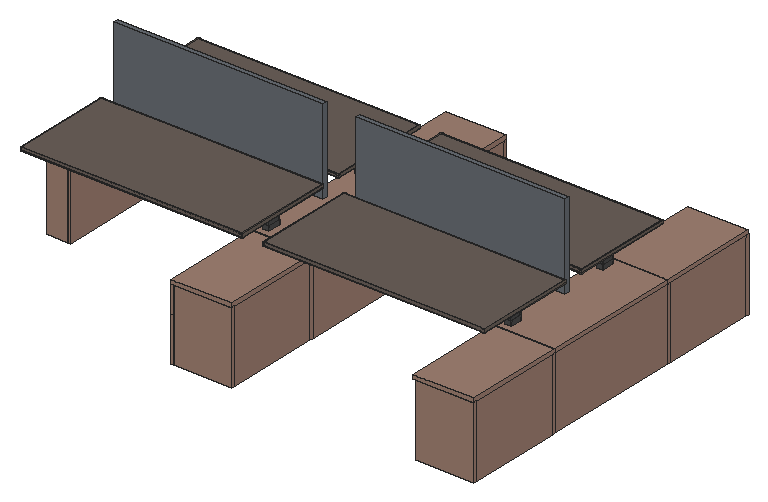
Revit family "T200219", category Furniture, Revit 2015 (continued)
Definition of nested family "STAKS HEIGHT ADJUSTABLE WORK GROUP PANEL BASE Dual User"
  Automatic sketch dimensions
    Extrusion 3 sketch curve to plane 18 = 0' - 0"
    Extrusion 4 sketch curve to plane 4 "Left End" = 0' - 0"
    Extrusion 4 sketch curve to plane 6 "Right End" = 0' - 0"
    Extrusion 4 sketch curve to plane 17 = 0' - 0"
    plane 1 "Center Front/Back" to Extrusion 4 sketch curve = 0' - 0"
    Extrusion 5 sketch curve to plane 5 "Front End" = 0' - 0"
    Extrusion 5 sketch curve to plane 20 = 0' - 0"
    Extrusion 5 sketch curve to plane 21 = 0' - 0"
    Extrusion 5 sketch curve to plane 18 = 0' - 0"
    Extrusion 6 sketch curve to plane 9 = 0' - 0"
    Extrusion 6 sketch curve to plane 10 = 0' - 0"
    Extrusion 6 sketch curve to plane 18 = 0' - 0"
    plane 1 "Center Front/Back" to Extrusion 6 sketch curve = 0' - 0"
    Extrusion 7 sketch curve to plane 4 "Left End" = 0' - 0"
    Extrusion 7 sketch curve to plane 6 "Right End" = 0' - 0"
    plane 17 to Extrusion 7 sketch curve = 0' - 0"
    Extrusion 7 sketch curve to plane 5 "Front End" = 0' - 0"
    Extrusion 8 sketch curve to plane 5 "Front End" = 0' - 0"
    Extrusion 8 sketch curve to plane 22 = 0' - 0"
    Extrusion 8 sketch curve to plane 23 = 0' - 0"
    Extrusion 8 sketch curve to plane 18 = 0' - 0"
    Extrusion 9 sketch curve to plane 11 = 0' - 0"
    Extrusion 9 sketch curve to plane 21 = 0' - 0"
    plane 23 to Extrusion 9 sketch curve = 0' - 0"
    plane 8 "Height Top" to Extrusion 9 sketch curve = 0' - 1 5/16"
    Extrusion 10 sketch curve to plane 14 = 0' - 0"
    Extrusion 10 sketch curve to plane 16 = 0' - 0"
    Extrusion 10 sketch curve to plane 14 = 0' - 2"
    Extrusion 10 sketch curve to plane 16 = 0' - 0 1/8"  (x2)
    Extrusion 10 sketch curve to Extrusion 10 sketch curve = 0' - 3 1/2"
    Extrusion 10 sketch curve to Extrusion 10 sketch curve = 0' - 0"
    Extrusion 10 sketch curve to Extrusion 10 sketch curve = 0' - 0 1/8"
    Extrusion 11 sketch curve to plane 14 = 0' - 0 3/16"
    Extrusion 11 sketch curve to plane 16 = 0' - 3 5/8"
    Extrusion 11 sketch curve to plane 16 = 0' - 0 3/16"  (x2)
    Extrusion 11 sketch curve to plane 14 = 0' - 1 7/8"
    Extrusion 11 sketch curve to Extrusion 11 sketch curve = 0' - 0 1/16"  (x3)
    Revolve 12 sketch curve to level = 0' - 0"
    plane 16 to Revolve 12 sketch curve = 0' - 0"
    Revolve 12 sketch curve to plane 12 = 0' - 0"  (x2)
    level to Revolve 12 sketch curve = 0' - 0.12502"
    Revolve 12 sketch curve to Revolve 12 sketch curve = 0' - 0.06202"
    Revolve 12 sketch curve to Revolve 12 sketch curve = 0' - 0.12498"
    Revolve 12 sketch curve to plane 16 = 0' - 0.188"  (x2)
    plane 12 to Revolve 12 sketch curve = 0' - 0 1/4"
    Revolve 13 sketch curve to level = 0' - 0"
    plane 15 to Revolve 13 sketch curve = 0' - 0"
    Revolve 13 sketch curve to plane 12 = 0' - 0"  (x2)
    level to Revolve 13 sketch curve = 0' - 0 1/4"
    Revolve 13 sketch curve to Revolve 13 sketch curve = 0' - 0.06202"
    Revolve 13 sketch curve to Revolve 13 sketch curve = 0' - 0.12498"
    plane 15 to Revolve 13 sketch curve = 0' - 0.188"  (x2)
    plane 12 to Revolve 13 sketch curve = 0' - 0 1/4"
    plane 14 to Extrusion 14 sketch curve = 0' - 0"
    Extrusion 14 sketch curve to plane 15 = 0' - 0"
    Extrusion 14 sketch curve to plane 14 = 0' - 0 1/8"  (x2)
    plane 15 to Extrusion 14 sketch curve = 0' - 0 1/8"
    Extrusion 14 sketch curve to Extrusion 14 sketch curve = 0' - 3 1/2"
    Extrusion 14 sketch curve to Extrusion 14 sketch curve = 0' - 0"
    Extrusion 14 sketch curve to Extrusion 14 sketch curve = 0' - 1 3/4"
    Extrusion 15 sketch curve to plane 14 = 0' - 0 3/16"
    plane 15 to Extrusion 15 sketch curve = 0' - 3 5/8"
    Extrusion 15 sketch curve to plane 14 = 0' - 0 1/8"
    Extrusion 15 sketch curve to Extrusion 15 sketch curve = 0' - 0 1/16"  (x2)
    plane 15 to Extrusion 15 sketch curve = 0' - 0 3/16"  (x2)
    Extrusion 15 sketch curve to Extrusion 15 sketch curve = 0' - 1 5/8"
    Extrusion 16 sketch curve to plane 16 = 0' - 0"  (x2)
    plane 17 to Extrusion 16 sketch curve = 0' - 3 3/8"
    Extrusion 16 sketch curve to Extrusion 16 sketch curve = 0' - 0 1/8"  (x2)
    Extrusion 16 sketch curve to plane 14 = 0' - 2 1/8"
    Extrusion 16 sketch curve to Extrusion 16 sketch curve = 0' - 3 3/4"
    Extrusion 16 sketch curve to plane 16 = 0' - 3 3/4"
    Blend 17 sketch curve to plane 16 = 0' - 0 1/8"
    plane 17 to Blend 17 sketch curve = 0' - 2 1/8"
    Blend 17 sketch curve to Blend 17 sketch curve = 0' - 0 1/8"  (x4)
    Blend 17 sketch curve to Blend 17 sketch curve = 0' - 3 1/4"
    Blend 17 sketch curve to Blend 17 sketch curve = 0' - 0"
    Blend 17 sketch curve to plane 14 = 0' - 1 3/4"
    Blend 17 sketch curve to plane 16 = 0' - 0"  (x2)
    plane 17 to Blend 17 sketch curve = 0' - 3 3/8"
    plane 16 to Blend 17 sketch curve = 0' - 0 1/8"
    Blend 17 sketch curve to Blend 17 sketch curve = 0' - 3 3/4"
    Blend 17 sketch curve to plane 16 = 0' - 3 3/4"
    Blend 17 sketch curve to plane 14 = 0' - 2"
    Extrusion 18 sketch curve to plane 15 = 0' - 0"  (x2)
    Extrusion 18 sketch curve to plane 17 = 0' - 3 3/8"
    Extrusion 18 sketch curve to Extrusion 18 sketch curve = 0' - 0 1/8"  (x2)
    plane 14 to Extrusion 18 sketch curve = 0' - 2 1/8"
    Extrusion 18 sketch curve to plane 15 = 0' - 3 3/4"  (x2)
    Blend 19 sketch curve to plane 15 = 0' - 0 1/8"
    Blend 19 sketch curve to plane 17 = 0' - 2 1/8"
    Blend 19 sketch curve to Blend 19 sketch curve = 0' - 0 1/8"  (x5)
    Blend 19 sketch curve to Blend 19 sketch curve = 0' - 3 1/4"
    Blend 19 sketch curve to Blend 19 sketch curve = 0' - 0"
    plane 14 to Blend 19 sketch curve = 0' - 1 3/4"
    Blend 19 sketch curve to plane 15 = 0' - 0"  (x2)
    Blend 19 sketch curve to plane 17 = 0' - 3 3/8"
    Blend 19 sketch curve to plane 15 = 0' - 3 3/4"  (x2)
    plane 14 to Blend 19 sketch curve = 0' - 2"
Definition of nested family "STAKS HEIGHT ADJUSTABLE WORK GROUP CABINET Dual User"
  Parameters (values of type "STAKS HEIGHT ADJUSTABLE WORK GROUP CABINET Dual User")
    Width = 3' - 6"
    URL = "http://ofs.com"
    Top Material = none
    Top Board Back Offset = 0' - 0"
    Table Height [instance] = 2' - 3 3/4"
    Depth = 1' - 6"
    Column Plate Thickness = 0' - 2"
    Column Material = none
    Box Width = 0' - 7"
    Board Thick Top = 0' - 1 1/8"
    Board Thick Door = 0' - 0 3/4"
    Board Material = none
    Model = "6-4218HAWC3"
    Manufacturer = "OFS"
    Leg Caps Material = none
    Leg Offset = 0' - 2"
    Board Thick Internal = 0' - 0 3/4"
    Height = 1' - 11"
    Description = "OFS STAKS HEIGHT ADJUSTABLE CABINET Dual User (Two Lifting Columns)"
    Copyright © = "© OFS 2018"
    Catalog = "https://ofs.com/products/open-plan/benching/staks"
    Bottom Board Offset = 0' - 0 1/2"
    Board Thick Bot = 0' - 1"
    Board Thick Sides = 0' - 0 3/4"
    Board Thick Front = 0' - 0 3/4"
    Board Thick Back = 0' - 0 3/4"
    Authoring Version = "Autodesk Revit Architecture 2013"
    Assembly Code = "E2020200"
  Reference planes (in)
    plane 1 "Center Front/Back": y = 0
    plane 2: z = 0
    plane 3 "Center Left/Right": x = 0
    plane 4 "Left End": x = -21
    plane 5 "Front End": y = -17.25
    plane 6 "Right End": x = 21
    plane 7 "Back End": y = 0
    plane 8 "Height Top": z = 23
    plane 9: x = -20.25
    plane 10: x = 20.25
    plane 11: z = 21.875
    plane 12: z = 0.5
    plane 13: z = 1.5
    plane 14: y = -16.5
    plane 15: x = 19
    plane 16: x = -19
    plane 17: y = -18
    plane 18: y = -0.75
    plane 19: y = 0
    plane 20: x = -4.25
    plane 21: x = -3.5
    plane 22: x = 4.25
    plane 23: x = 3.5
    plane 24: z = 27.75
    plane 25: z = 25.75
    plane 26: z = 24.375
    plane 27: z = 26.75
  Forms (in)
    Extrusion 1, solid, material <- "Board Material"
      sketch origin (0, 0, 0) x (1, 0, 0) y (0, 1, 0)
        loop
          line (-21, -0.75) -> (-21, -17.25) -> (-20.25, -17.25) -> (-20.25, -0.75) -> (-21, -0.75)
      from 0.5 to 21.875
    Extrusion 2, solid, material <- "Board Material"
      sketch origin (0, 0, 0) x (-1, 0, 0) y (0, -1, 0)
        loop
          line (-21, 0.75) -> (-20.25, 0.75) -> (-20.25, 17.25) -> (-21, 17.25) -> (-21, 0.75)
      from 0.5 to 21.875
    Extrusion 3, solid, material <- "Board Material"
      sketch origin (0, 0, 0) x (1, 0, 0) y (0, 1, 0)
        loop
          line (-20.25, -0.75) -> (-20.25, -17.25) -> (20.25, -17.25) -> (20.25, -0.75) -> (-20.25, -0.75)
      from 0.5 to 1.5
    Extrusion 4, solid, material <- "Top Material"
      sketch origin (0, 0, 0) x (1, 0, 0) y (0, 1, 0)
        loop
          line (-21, 0) -> (-21, -18) -> (21, -18) -> (21, 0) -> (-21, 0)
      from 21.875 to 23
    Extrusion 5, solid, material <- "Board Material"
      sketch origin (0, 0, 0) x (1, 0, 0) y (0, 1, 0)
        loop
          line (-4.25, -0.75) -> (-4.25, -17.25) -> (-3.5, -17.25) -> (-3.5, -0.75) -> (-4.25, -0.75)
      from 1.5 to 21.875
    Extrusion 6, solid, material <- "Board Material"
      sketch origin (0, 27.875, 0) x (1, 0, 0) y (0, 1, 0)
        loop
          line (-21, -27.875) -> (-21, -28.625) -> (21, -28.625) -> (21, -27.875) -> (-21, -27.875)
      from 0.5 to 21.875
    Extrusion 7, solid, material <- "Board Material"
      sketch origin (0, 0, 0) x (1, 0, 0) y (0, 1, 0)
        loop
          line (21, -17.25) -> (-21, -17.25) -> (-21, -18) -> (21, -18) -> (21, -17.25)
      from 0.5 to 21.875
    Extrusion 8, solid, material <- "Board Material"
      sketch origin (0, 0, 0) x (-1, 0, 0) y (0, -1, 0)
        loop
          line (-4.25, 0.75) -> (-3.5, 0.75) -> (-3.5, 17.25) -> (-4.25, 17.25) -> (-4.25, 0.75)
      from 1.5 to 21.875
    Extrusion 9, void
      sketch origin (0, 0, 0) x (1, 0, 0) y (0, 0, 1)
        loop
          line (3.5, 21.875) -> (-3.5, 21.875)
          arc (-3.5, 21.875) -> (0, 20.04736) -> (3.5, 21.875) r 4.26514
      from 0 to 18
    Extrusion 10, solid, material <- "Column Material"
      sketch origin (7.27539, 70.81173, 0) x (-1, 0, 0) y (0, -1, 0)
        loop
          arc (26.15039, 85.31173) -> (26.23878, 85.34834) -> (26.27539, 85.43673) r 0.125
          line (26.27539, 85.43673) -> (26.27539, 87.18673)
          arc (26.27539, 87.18673) -> (26.23878, 87.27512) -> (26.15039, 87.31173) r 0.125
          line (26.15039, 87.31173) -> (22.65039, 87.31173)
          arc (22.65039, 87.31173) -> (22.562, 87.27512) -> (22.52539, 87.18673) r 0.125
          line (22.52539, 87.18673) -> (22.52539, 85.43673)
          arc (22.52539, 85.43673) -> (22.562, 85.34834) -> (22.65039, 85.31173) r 0.125
          line (22.65039, 85.31173) -> (26.15039, 85.31173)
      from 23 to 24.375
    Extrusion 11, solid, material <- "Column Material"
      sketch origin (7.27539, 70.81173, 0) x (-1, 0, 0) y (0, -1, 0)
        loop
          line (22.71289, 85.43673) -> (26.08789, 85.43673)
          arc (26.08789, 85.43673) -> (26.13208, 85.45504) -> (26.15039, 85.49923) r 0.0625
          line (26.15039, 85.49923) -> (26.15039, 87.12423)
          arc (26.15039, 87.12423) -> (26.13208, 87.16843) -> (26.08789, 87.18673) r 0.0625
          line (26.08789, 87.18673) -> (22.71289, 87.18673)
          arc (22.71289, 87.18673) -> (22.66869, 87.16843) -> (22.65039, 87.12423) r 0.0625
          line (22.65039, 87.12423) -> (22.65039, 85.49923)
          arc (22.65039, 85.49923) -> (22.66869, 85.45504) -> (22.71289, 85.43673) r 0.0625
      from 24.375 to 25.75
    Revolve 12, solid, material <- "Leg Caps Material"
      sketch origin (7.02629, -3.5, 0) x (1, 0, 0) y (0, 0, 1)
        loop
          line (-26.02629, 0.5) -> (-26.02629, 0.25) -> (-26.08831, 0.25)
          arc (-26.08831, 0.25) -> (-26.17668, 0.2134) -> (-26.21329, 0.12502) r 0.12498
          line (-26.21329, 0.12502) -> (-26.21329, 0) -> (-25.83829, 0) -> (-25.83829, 0.5) -> (-26.02629, 0.5)
        axis (-25.83829, 0) -> (-25.83829, 0.5)
      angle from 0 to 360
    Revolve 13, solid, material <- "Leg Caps Material"
      sketch origin (-7.02629, -3.5, 0) x (-1, 0, 0) y (0, 0, -1)
        loop
          line (-26.02629, -0.5) -> (-25.83829, -0.5) -> (-25.83829, 0) -> (-26.21329, 0) -> (-26.21329, -0.12502)
          arc (-26.21329, -0.12502) -> (-26.17668, -0.2134) -> (-26.08831, -0.25) r 0.12498
          line (-26.08831, -0.25) -> (-26.02629, -0.25) -> (-26.02629, -0.5)
        axis (-25.83829, 0) -> (-25.83829, -0.5)
      angle from 0 to 360
    Extrusion 14, solid, material <- "Column Material"
      sketch origin (-7.27539, 70.81173, 0) x (1, 0, 0) y (0, 1, 0)
        loop
          line (26.15039, -85.31173) -> (22.65039, -85.31173)
          arc (22.65039, -85.31173) -> (22.562, -85.34834) -> (22.52539, -85.43673) r 0.125
          line (22.52539, -85.43673) -> (22.52539, -87.18673)
          arc (22.52539, -87.18673) -> (22.562, -87.27512) -> (22.65039, -87.31173) r 0.125
          line (22.65039, -87.31173) -> (26.15039, -87.31173)
          arc (26.15039, -87.31173) -> (26.23878, -87.27512) -> (26.27539, -87.18673) r 0.125
          line (26.27539, -87.18673) -> (26.27539, -85.43673)
          arc (26.27539, -85.43673) -> (26.23878, -85.34834) -> (26.15039, -85.31173) r 0.125
      from 23 to 24.375
    Extrusion 15, solid, material <- "Column Material"
      sketch origin (-7.27539, 70.81173, 0) x (1, 0, 0) y (0, 1, 0)
        loop
          arc (22.71289, -85.43673) -> (22.66869, -85.45504) -> (22.65039, -85.49923) r 0.0625
          line (22.65039, -85.49923) -> (22.65039, -87.12423)
          arc (22.65039, -87.12423) -> (22.66869, -87.16843) -> (22.71289, -87.18673) r 0.0625
          line (22.71289, -87.18673) -> (26.08789, -87.18673)
          arc (26.08789, -87.18673) -> (26.13208, -87.16843) -> (26.15039, -87.12423) r 0.0625
          line (26.15039, -87.12423) -> (26.15039, -85.49923)
          arc (26.15039, -85.49923) -> (26.13208, -85.45504) -> (26.08789, -85.43673) r 0.0625
          line (26.08789, -85.43673) -> (22.71289, -85.43673)
      from 24.375 to 25.75
    Extrusion 16, solid, material <- "Column Material"
      sketch origin (0, 0, 0) x (1, 0, 0) y (0, 1, 0)
        loop
          line (-15.25, -14.375) -> (-19, -14.375)
          arc (-19, -14.375) -> (-19.08839, -14.41161) -> (-19.125, -14.5) r 0.125
          line (-19.125, -14.5) -> (-19.125, -21.25)
          arc (-19.125, -21.25) -> (-19.08839, -21.33839) -> (-19, -21.375) r 0.125
          line (-19, -21.375) -> (-15.25, -21.375)
          arc (-15.25, -21.375) -> (-15.16161, -21.33839) -> (-15.125, -21.25) r 0.125
          line (-15.125, -21.25) -> (-15.125, -14.5)
          arc (-15.125, -14.5) -> (-15.16161, -14.41161) -> (-15.25, -14.375) r 0.125
      from 26.75 to 27.75
    Blend 17, solid, material <- "Column Material"
      base sketch origin (0, 0, 0) x (1, 0, 0) y (0, 1, 0)
        loop
          line (-15.375, -20) -> (-15.375, -14.75)
          arc (-15.375, -14.75) -> (-15.41161, -14.66161) -> (-15.5, -14.625) r 0.125
          line (-15.5, -14.625) -> (-18.75, -14.625)
          arc (-18.75, -14.625) -> (-18.83839, -14.66161) -> (-18.875, -14.75) r 0.125
          line (-18.875, -14.75) -> (-18.875, -20)
          arc (-18.875, -20) -> (-18.83839, -20.08839) -> (-18.75, -20.125) r 0.125
          line (-18.75, -20.125) -> (-15.5, -20.125)
          arc (-15.5, -20.125) -> (-15.41161, -20.08839) -> (-15.375, -20) r 0.125
      top sketch origin (0, 0, 0) x (1, 0, 0) y (0, 1, 0)
        loop
          line (-15.125, -21.25) -> (-15.125, -14.5)
          arc (-15.125, -14.5) -> (-15.16161, -14.41161) -> (-15.25, -14.375) r 0.125
          line (-15.25, -14.375) -> (-19, -14.375)
          arc (-19, -14.375) -> (-19.08839, -14.41161) -> (-19.125, -14.5) r 0.125
          line (-19.125, -14.5) -> (-19.125, -21.25)
          arc (-19.125, -21.25) -> (-19.08839, -21.33839) -> (-19, -21.375) r 0.125
          line (-19, -21.375) -> (-15.25, -21.375)
          arc (-15.25, -21.375) -> (-15.16161, -21.33839) -> (-15.125, -21.25) r 0.125
      from 25.75 to 26.75
    Extrusion 18, solid, material <- "Column Material"
      sketch origin (0, 0, 0) x (-1, 0, 0) y (0, -1, 0)
        loop
          arc (-15.25, 14.375) -> (-15.16161, 14.41161) -> (-15.125, 14.5) r 0.125
          line (-15.125, 14.5) -> (-15.125, 21.25)
          arc (-15.125, 21.25) -> (-15.16161, 21.33839) -> (-15.25, 21.375) r 0.125
          line (-15.25, 21.375) -> (-19, 21.375)
          arc (-19, 21.375) -> (-19.08839, 21.33839) -> (-19.125, 21.25) r 0.125
          line (-19.125, 21.25) -> (-19.125, 14.5)
          arc (-19.125, 14.5) -> (-19.08839, 14.41161) -> (-19, 14.375) r 0.125
          line (-19, 14.375) -> (-15.25, 14.375)
      from 26.75 to 27.75
    Blend 19, solid, material <- "Column Material"
      base sketch origin (0, 0, 0) x (-1, 0, 0) y (0, -1, 0)
        loop
          arc (-15.375, 20) -> (-15.41161, 20.08839) -> (-15.5, 20.125) r 0.125
          line (-15.5, 20.125) -> (-18.75, 20.125)
          arc (-18.75, 20.125) -> (-18.83839, 20.08839) -> (-18.875, 20) r 0.125
          line (-18.875, 20) -> (-18.875, 14.75)
          arc (-18.875, 14.75) -> (-18.83839, 14.66161) -> (-18.75, 14.625) r 0.125
          line (-18.75, 14.625) -> (-15.5, 14.625)
          arc (-15.5, 14.625) -> (-15.41161, 14.66161) -> (-15.375, 14.75) r 0.125
          line (-15.375, 14.75) -> (-15.375, 20)
      top sketch origin (0, 0, 0) x (-1, 0, 0) y (0, -1, 0)
        loop
          arc (-15.125, 21.25) -> (-15.16161, 21.33839) -> (-15.25, 21.375) r 0.125
          line (-15.25, 21.375) -> (-19, 21.375)
          arc (-19, 21.375) -> (-19.08839, 21.33839) -> (-19.125, 21.25) r 0.125
          line (-19.125, 21.25) -> (-19.125, 14.5)
          arc (-19.125, 14.5) -> (-19.08839, 14.41161) -> (-19, 14.375) r 0.125
          line (-19, 14.375) -> (-15.25, 14.375)
          arc (-15.25, 14.375) -> (-15.16161, 14.41161) -> (-15.125, 14.5) r 0.125
          line (-15.125, 14.5) -> (-15.125, 21.25)
      from 25.75 to 26.75
    Revolve 20, solid, material <- "Leg Caps Material"
      sketch origin (7.02629, -14.5, 0) x (1, 0, 0) y (0, 0, -1)
        loop
          line (-26.02629, -0.5) -> (-25.83829, -0.5) -> (-25.83829, 0) -> (-26.21329, 0) -> (-26.21329, -0.12502)
          arc (-26.21329, -0.12502) -> (-26.17668, -0.2134) -> (-26.08831, -0.25) r 0.12498
          line (-26.08831, -0.25) -> (-26.02629, -0.25) -> (-26.02629, -0.5)
        axis (-25.83829, 0) -> (-25.83829, -0.5)
      angle from 0 to 360
    Revolve 21, solid, material <- "Leg Caps Material"
      sketch origin (-7.02629, -14.5, 0) x (-1, 0, 0) y (0, 0, 1)
        loop
          line (-26.02629, 0.5) -> (-26.02629, 0.25) -> (-26.08831, 0.25)
          arc (-26.08831, 0.25) -> (-26.17668, 0.2134) -> (-26.21329, 0.12502) r 0.12498
          line (-26.21329, 0.12502) -> (-26.21329, 0) -> (-25.83829, 0) -> (-25.83829, 0.5) -> (-26.02629, 0.5)
        axis (-25.83829, 0) -> (-25.83829, 0.5)
      angle from 0 to 360
  Cuts and joins
    Extrusion 9 cuts Extrusion 7
  Dimensions and locks (in)
    equal spacing: plane 4 "Left End", plane 3 "Center Left/Right", plane 6 "Right End"
    "Width": plane 4 "Left End" to plane 6 "Right End"
    "Height": plane 8 "Height Top" to level
    "Board Thick Sides": plane 4 "Left End" to plane 9
    "Board Thick Sides": plane 10 to plane 6 "Right End"
    "Board Thick Top": plane 8 "Height Top" to plane 11
    "Board Thick Bot": plane 13 to plane 12
    "Bottom Board Offset": plane 12 to level
    "Board Thick Front": plane 14 to plane 5 "Front End"
    "Leg Offset": plane 15 to plane 6 "Right End"
    "Leg Offset": plane 4 "Left End" to plane 16
    "Board Thick Door": plane 17 to plane 5 "Front End"
    "Board Thick Back": plane 18 to plane 1 "Center Front/Back"
    "Depth": plane 17 to plane 1 "Center Front/Back"
    "Top Board Back Offset": plane 19 to plane 7 "Back End"
    equal spacing: plane 21, plane 3 "Center Left/Right", plane 23
    "Box Width": plane 21 to plane 23
    "Board Thick Internal": plane 23 to plane 22
    "Board Thick Internal": plane 20 to plane 21
    "Table Height": plane 24 to level
    "Column Plate Thickness": plane 24 to plane 25
    equal spacing: plane 25, plane 26, plane 8 "Height Top"
    equal spacing: plane 24, plane 27, plane 25
    aligned and locked: level to plane 2
    aligned and locked: plane 4 "Left End" to Extrusion 1 sketch curve
    aligned and locked: Extrusion 1 sketch curve to plane 9
    aligned and locked: plane 10 to Extrusion 2
    aligned and locked: Extrusion 2 to plane 6 "Right End"
    aligned and locked: plane 12 to Extrusion 2
    aligned and locked: plane 10 to Extrusion 3 sketch curve
    aligned and locked: Extrusion 3 sketch curve to plane 9
    aligned and locked: Extrusion 6 to plane 12
    aligned and locked: Extrusion 3 to plane 13
    aligned and locked: Extrusion 3 to plane 12
    aligned and locked: Extrusion 6 to plane 11
    aligned and locked: Extrusion 2 to plane 11
    aligned and locked: Extrusion 4 to plane 17
    aligned and locked: Extrusion 4 to plane 6 "Right End"
    aligned and locked: Extrusion 4 to plane 4 "Left End"
    aligned and locked: plane 8 "Height Top" to Extrusion 4
    aligned and locked: Extrusion 4 to plane 11
    aligned and locked: Extrusion 7 to plane 11
    aligned and locked: Extrusion 6 to plane 18
    aligned and locked: Extrusion 6 to plane 1 "Center Front/Back"
    aligned and locked: Extrusion 4 to plane 19
    aligned and locked: Extrusion 3 to plane 18
    aligned and locked: plane 11 to Extrusion 8
    aligned and locked: Extrusion 8 to plane 13
    aligned and locked: Extrusion 4 to Extrusion 9
    aligned and locked: Extrusion 6 to Extrusion 9
    aligned and locked: Extrusion 9 to Extrusion 2
    aligned and locked: plane 23 to Extrusion 8
    aligned and locked: Extrusion 8 to plane 22
    aligned and locked: Extrusion 5 to plane 20
    aligned and locked: cut or joined group of Extrusion 7, Extrusion 9 to plane 12
    aligned and locked: plane 25 to Extrusion 11
    aligned and locked: plane 26 to Extrusion 10
    aligned and locked: Extrusion 11 to plane 26
    aligned and locked: plane 11 to Extrusion 1
    aligned and locked: plane 11 to Extrusion 5
    aligned and locked: Extrusion 1 to plane 5 "Front End"
    aligned and locked: Extrusion 2 to plane 5 "Front End"
    aligned and locked: cut or joined group of Extrusion 7, Extrusion 9 to plane 4 "Left End"
    aligned and locked: cut or joined group of Extrusion 7, Extrusion 9 to plane 6 "Right End"
    aligned and locked: Extrusion 1 to plane 12
    aligned and locked: plane 16 to Revolve 12
    aligned and locked: plane 15 to Revolve 13
    aligned and locked: Extrusion 5 to plane 13
    aligned and locked: Extrusion 10 to plane 8 "Height Top"
    aligned and locked: Extrusion 14 to plane 8 "Height Top"
    aligned and locked: Extrusion 15 to plane 25
    aligned and locked: Extrusion 14 to plane 26
    aligned and locked: plane 26 to Extrusion 15
    aligned and locked: plane 24 to Extrusion 16
    aligned and locked: Extrusion 16 to plane 27
    aligned and locked: Blend 17 to plane 25
    aligned and locked: plane 27 to Blend 17
    aligned and locked: Extrusion 18 to plane 24
    aligned and locked: Blend 19 to plane 27
    aligned and locked: plane 27 to Extrusion 18
    aligned and locked: plane 25 to Blend 19
    aligned and locked: Extrusion 6 to plane 4 "Left End"
    aligned and locked: Extrusion 6 to plane 6 "Right End"
    aligned and locked: plane 18 to Extrusion 2
    aligned and locked: plane 18 to Extrusion 1
  Automatic sketch dimensions
    Extrusion 1 sketch curve to plane 5 "Front End" = 0' - 0"
    plane 1 "Center Front/Back" to Extrusion 1 sketch curve = 0' - 0 3/4"
    Extrusion 2 sketch curve to plane 5 "Front End" = 0' - 0"
    Extrusion 2 sketch curve to plane 6 "Right End" = 0' - 0"
    Extrusion 2 sketch curve to plane 10 = 0' - 0"
    Extrusion 2 sketch curve to plane 1 "Center Front/Back" = 0' - 0 3/4"
    Extrusion 3 sketch curve to plane 5 "Front End" = 0' - 0"
    Extrusion 3 sketch curve to plane 18 = 0' - 0"
    Extrusion 4 sketch curve to plane 4 "Left End" = 0' - 0"
    Extrusion 4 sketch curve to plane 6 "Right End" = 0' - 0"
    Extrusion 4 sketch curve to plane 17 = 0' - 0"
    plane 1 "Center Front/Back" to Extrusion 4 sketch curve = 0' - 0"
    Extrusion 5 sketch curve to plane 5 "Front End" = 0' - 0"
    Extrusion 5 sketch curve to plane 20 = 0' - 0"
    Extrusion 5 sketch curve to plane 21 = 0' - 0"
    Extrusion 5 sketch curve to plane 18 = 0' - 0"
    Extrusion 6 sketch curve to plane 9 = 0' - 0 3/4"
    Extrusion 6 sketch curve to plane 10 = 0' - 0 3/4"
    Extrusion 6 sketch curve to plane 18 = 0' - 0"
    plane 1 "Center Front/Back" to Extrusion 6 sketch curve = 0' - 0"
    Extrusion 7 sketch curve to plane 4 "Left End" = 0' - 0"
    Extrusion 7 sketch curve to plane 6 "Right End" = 0' - 0"
    plane 17 to Extrusion 7 sketch curve = 0' - 0"
    Extrusion 7 sketch curve to plane 5 "Front End" = 0' - 0"
    Extrusion 8 sketch curve to plane 5 "Front End" = 0' - 0"
    Extrusion 8 sketch curve to plane 22 = 0' - 0"
    Extrusion 8 sketch curve to plane 23 = 0' - 0"
    Extrusion 8 sketch curve to plane 18 = 0' - 0"
    Extrusion 9 sketch curve to plane 11 = 0' - 0"
    Extrusion 9 sketch curve to plane 21 = 0' - 0"
    plane 23 to Extrusion 9 sketch curve = 0' - 0"
    plane 8 "Height Top" to Extrusion 9 sketch curve = 0' - 1 5/16"
    Extrusion 10 sketch curve to plane 14 = 0' - 0"
    Extrusion 10 sketch curve to plane 16 = 0' - 0"
    Extrusion 10 sketch curve to plane 14 = 0' - 2"
    Extrusion 10 sketch curve to plane 16 = 0' - 0 1/8"  (x2)
    Extrusion 10 sketch curve to Extrusion 10 sketch curve = 0' - 3 1/2"
    Extrusion 10 sketch curve to Extrusion 10 sketch curve = 0' - 0"
    Extrusion 10 sketch curve to Extrusion 10 sketch curve = 0' - 0 1/8"
    Extrusion 11 sketch curve to plane 14 = 0' - 0 3/16"
    Extrusion 11 sketch curve to plane 16 = 0' - 3 5/8"
    Extrusion 11 sketch curve to plane 16 = 0' - 0 3/16"  (x2)
    Extrusion 11 sketch curve to plane 14 = 0' - 1 7/8"
    Extrusion 11 sketch curve to Extrusion 11 sketch curve = 0' - 0 1/16"  (x3)
    Revolve 12 sketch curve to level = 0' - 0"
    plane 16 to Revolve 12 sketch curve = 0' - 0"
    Revolve 12 sketch curve to plane 12 = 0' - 0"  (x2)
    level to Revolve 12 sketch curve = 0' - 0.12502"
    Revolve 12 sketch curve to Revolve 12 sketch curve = 0' - 0.06202"
    Revolve 12 sketch curve to Revolve 12 sketch curve = 0' - 0.12498"
    Revolve 12 sketch curve to plane 16 = 0' - 0.188"  (x2)
    plane 12 to Revolve 12 sketch curve = 0' - 0 1/4"
    Revolve 13 sketch curve to level = 0' - 0"
    plane 15 to Revolve 13 sketch curve = 0' - 0"
    Revolve 13 sketch curve to plane 12 = 0' - 0"  (x2)
    level to Revolve 13 sketch curve = 0' - 0 1/4"
    Revolve 13 sketch curve to Revolve 13 sketch curve = 0' - 0.06202"
    Revolve 13 sketch curve to Revolve 13 sketch curve = 0' - 0.12498"
    plane 15 to Revolve 13 sketch curve = 0' - 0.188"  (x2)
    plane 12 to Revolve 13 sketch curve = 0' - 0 1/4"
    plane 14 to Extrusion 14 sketch curve = 0' - 0"
    Extrusion 14 sketch curve to plane 15 = 0' - 0"
    Extrusion 14 sketch curve to plane 14 = 0' - 0 1/8"
    plane 15 to Extrusion 14 sketch curve = 0' - 0 1/8"
    Extrusion 14 sketch curve to Extrusion 14 sketch curve = 0' - 3 1/2"
    Extrusion 14 sketch curve to Extrusion 14 sketch curve = 0' - 0"
    Extrusion 14 sketch curve to Extrusion 14 sketch curve = 0' - 0 1/8"
    Extrusion 14 sketch curve to Extrusion 14 sketch curve = 0' - 1 3/4"
    Extrusion 15 sketch curve to plane 14 = 0' - 0 3/16"
    plane 15 to Extrusion 15 sketch curve = 0' - 3 5/8"
    Extrusion 15 sketch curve to plane 14 = 0' - 0 1/8"
    Extrusion 15 sketch curve to Extrusion 15 sketch curve = 0' - 0 1/16"  (x2)
    plane 15 to Extrusion 15 sketch curve = 0' - 0 3/16"  (x2)
    Extrusion 15 sketch curve to Extrusion 15 sketch curve = 0' - 1 5/8"
    Extrusion 16 sketch curve to plane 16 = 0' - 0"  (x2)
    plane 17 to Extrusion 16 sketch curve = 0' - 3 3/8"
    plane 16 to Extrusion 16 sketch curve = 0' - 0 1/8"
    Extrusion 16 sketch curve to plane 14 = 0' - 2 1/8"
    Extrusion 16 sketch curve to Extrusion 16 sketch curve = 0' - 3 3/4"  (x2)
    Extrusion 16 sketch curve to Extrusion 16 sketch curve = 0' - 0 1/8"
    Blend 17 sketch curve to plane 16 = 0' - 0 1/8"
    plane 17 to Blend 17 sketch curve = 0' - 2 1/8"
    Blend 17 sketch curve to Blend 17 sketch curve = 0' - 0 1/8"  (x4)
    Blend 17 sketch curve to Blend 17 sketch curve = 0' - 3 1/4"
    Blend 17 sketch curve to Blend 17 sketch curve = 0' - 0"
    Blend 17 sketch curve to plane 14 = 0' - 1 3/4"
    Blend 17 sketch curve to plane 16 = 0' - 0"  (x2)
    plane 17 to Blend 17 sketch curve = 0' - 3 3/8"
    plane 16 to Blend 17 sketch curve = 0' - 0 1/8"
    Blend 17 sketch curve to Blend 17 sketch curve = 0' - 3 3/4"  (x2)
    Blend 17 sketch curve to plane 14 = 0' - 2"
    Extrusion 18 sketch curve to plane 15 = 0' - 0"  (x2)
    Extrusion 18 sketch curve to plane 17 = 0' - 3 3/8"
    plane 15 to Extrusion 18 sketch curve = 0' - 0 1/8"
    plane 14 to Extrusion 18 sketch curve = 0' - 2 1/8"
    Extrusion 18 sketch curve to Extrusion 18 sketch curve = 0' - 3 3/4"  (x2)
    Extrusion 18 sketch curve to Extrusion 18 sketch curve = 0' - 0 1/8"
    Blend 19 sketch curve to plane 15 = 0' - 0 1/8"
    Blend 19 sketch curve to plane 17 = 0' - 2 1/8"
    Blend 19 sketch curve to Blend 19 sketch curve = 0' - 0 1/8"  (x4)
    Blend 19 sketch curve to Blend 19 sketch curve = 0' - 3 1/4"
    Blend 19 sketch curve to Blend 19 sketch curve = 0' - 0"
    plane 14 to Blend 19 sketch curve = 0' - 1 3/4"
    Blend 19 sketch curve to plane 15 = 0' - 0"  (x2)
    Blend 19 sketch curve to plane 17 = 0' - 3 3/8"
    plane 15 to Blend 19 sketch curve = 0' - 0 1/8"
    Blend 19 sketch curve to Blend 19 sketch curve = 0' - 3 3/4"  (x2)
    plane 14 to Blend 19 sketch curve = 0' - 2"
    Revolve 20 sketch curve to level = 0' - 0"
    plane 16 to Revolve 20 sketch curve = 0' - 0"
    Revolve 20 sketch curve to plane 12 = 0' - 0"  (x2)
    level to Revolve 20 sketch curve = 0' - 0 1/4"
    Revolve 20 sketch curve to Revolve 20 sketch curve = 0' - 0.06202"
    Revolve 20 sketch curve to Revolve 20 sketch curve = 0' - 0.12498"
    Revolve 20 sketch curve to plane 16 = 0' - 0.188"  (x2)
    plane 12 to Revolve 20 sketch curve = 0' - 0 1/4"
    Revolve 21 sketch curve to level = 0' - 0"
    plane 15 to Revolve 21 sketch curve = 0' - 0"
    Revolve 21 sketch curve to plane 12 = 0' - 0"  (x2)
    level to Revolve 21 sketch curve = 0' - 0.12502"
    Revolve 21 sketch curve to plane 15 = 0' - 0.06202"
    Revolve 21 sketch curve to Revolve 21 sketch curve = 0' - 0.12498"
    plane 15 to Revolve 21 sketch curve = 0' - 0.188"  (x2)
    plane 12 to Revolve 21 sketch curve = 0' - 0 1/4"
Definition of nested family "STAKS HEIGHT ADJUSTABLE WORK GROUP CABINET Double Sided Dual User"
  Parameters (values of type "STAKS HEIGHT ADJUSTABLE WORK GROUP CABINET Double Sided Dual User")
    Width = 3' - 6"
    URL = "http://ofs.com"
    Top Material = none
    Top Board Back Offset = 0' - 0"
    Table Height [instance] = 2' - 3 3/4"
    Depth = 1' - 6"
    Column Plate Thickness = 0' - 2"
    Column Material = none
    Box Width = 0' - 7"
    Board Thick Top = 0' - 1 1/8"
    Board Thick Door = 0' - 0 3/4"
    Board Material = none
    Model = "6-4218HAWC2"
    Manufacturer = "OFS"
    Leg Caps Material = none
    Leg Offset = 0' - 2"
    Board Thick Internal = 0' - 0 3/4"
    Height = 1' - 11"
    Description = "OFS STAKS HEIGHT ADJUSTABLE CABINET Double Sided Dual User (Four Lifting Columns)"
    Copyright © = "© OFS \"018"
    Catalog = "https://ofs.com/products/open-plan/benching/staks"
    Bottom Board Offset = 0' - 0 1/2"
    Board Thick Bot = 0' - 1"
    Board Thick Sides = 0' - 0 3/4"
    Board Thick Front = 0' - 0 3/4"
    Board Thick Back = 0' - 0 3/4"
    Authoring Version = "Autodesk Revit Architecture 2013"
    Assembly Code = "E2020200"
  Reference planes (in)
    plane 1 "Center Front/Back": y = 0
    plane 2: z = 0
    plane 3 "Center Left/Right": x = 0
    plane 4 "Left End": x = -21
    plane 5 "Front End": y = -17.25
    plane 6 "Right End": x = 21
    plane 7 "Back End": y = 0
    plane 8 "Height Top": z = 23
    plane 9: x = -20.25
    plane 10: x = 20.25
    plane 11: z = 21.875
    plane 12: z = 0.5
    plane 13: z = 1.5
    plane 14: y = -16.5
    plane 15: x = 19
    plane 16: x = -19
    plane 17: y = -18
    plane 18: y = -0.75
    plane 19: y = 0
    plane 20: x = -4.25
    plane 21: x = -3.5
    plane 22: x = 4.25
    plane 23: x = 3.5
    plane 24: z = 27.75
    plane 25: z = 25.75
    plane 26: z = 24.375
    plane 27: z = 26.75
  Forms (in)
    Extrusion 1, solid, material <- "Board Material"
      sketch origin (0, 0, 0) x (1, 0, 0) y (0, 1, 0)
        loop
          line (-21, -0.75) -> (-21, -17.25) -> (-20.25, -17.25) -> (-20.25, -0.75) -> (-21, -0.75)
      from 0.5 to 21.875
    Extrusion 2, solid, material <- "Board Material"
      sketch origin (0, 0, 0) x (-1, 0, 0) y (0, -1, 0)
        loop
          line (-21, 0.75) -> (-20.25, 0.75) -> (-20.25, 17.25) -> (-21, 17.25) -> (-21, 0.75)
      from 0.5 to 21.875
    Extrusion 3, solid, material <- "Board Material"
      sketch origin (0, 0, 0) x (1, 0, 0) y (0, 1, 0)
        loop
          line (-20.25, -0.75) -> (-20.25, -17.25) -> (20.25, -17.25) -> (20.25, -0.75) -> (-20.25, -0.75)
      from 0.5 to 1.5
    Extrusion 4, solid, material <- "Top Material"
      sketch origin (0, 0, 0) x (1, 0, 0) y (0, 1, 0)
        loop
          line (-21, 0) -> (-21, -18) -> (21, -18) -> (21, 0) -> (-21, 0)
      from 21.875 to 23
    Extrusion 5, solid, material <- "Board Material"
      sketch origin (0, 0, 0) x (1, 0, 0) y (0, 1, 0)
        loop
          line (-4.25, -0.75) -> (-4.25, -17.25) -> (-3.5, -17.25) -> (-3.5, -0.75) -> (-4.25, -0.75)
      from 1.5 to 21.875
    Extrusion 6, solid, material <- "Board Material"
      sketch origin (0, 27.875, 0) x (1, 0, 0) y (0, 1, 0)
        loop
          line (-21, -27.875) -> (-21, -28.625) -> (21, -28.625) -> (21, -27.875) -> (-21, -27.875)
      from 0.5 to 21.875
    Extrusion 7, solid, material <- "Board Material"
      sketch origin (0, 0, 0) x (1, 0, 0) y (0, 1, 0)
        loop
          line (21, -17.25) -> (-21, -17.25) -> (-21, -18) -> (21, -18) -> (21, -17.25)
      from 0.5 to 21.875
    Extrusion 8, solid, material <- "Board Material"
      sketch origin (0, 0, 0) x (-1, 0, 0) y (0, -1, 0)
        loop
          line (-4.25, 0.75) -> (-3.5, 0.75) -> (-3.5, 17.25) -> (-4.25, 17.25) -> (-4.25, 0.75)
      from 1.5 to 21.875
    Extrusion 9, void
      sketch origin (0, 0, 0) x (1, 0, 0) y (0, 0, 1)
        loop
          line (3.5, 21.875) -> (-3.5, 21.875)
          arc (-3.5, 21.875) -> (0, 20.04736) -> (3.5, 21.875) r 4.26514
      from 0 to 18
    Extrusion 10, solid, material <- "Column Material"
      sketch origin (7.27539, 70.81173, 0) x (-1, 0, 0) y (0, -1, 0)
        loop
          arc (26.15039, 85.31173) -> (26.23878, 85.34834) -> (26.27539, 85.43673) r 0.125
          line (26.27539, 85.43673) -> (26.27539, 87.18673)
          arc (26.27539, 87.18673) -> (26.23878, 87.27512) -> (26.15039, 87.31173) r 0.125
          line (26.15039, 87.31173) -> (22.65039, 87.31173)
          arc (22.65039, 87.31173) -> (22.562, 87.27512) -> (22.52539, 87.18673) r 0.125
          line (22.52539, 87.18673) -> (22.52539, 85.43673)
          arc (22.52539, 85.43673) -> (22.562, 85.34834) -> (22.65039, 85.31173) r 0.125
          line (22.65039, 85.31173) -> (26.15039, 85.31173)
      from 23 to 24.375
    Extrusion 11, solid, material <- "Column Material"
      sketch origin (7.27539, 70.81173, 0) x (-1, 0, 0) y (0, -1, 0)
        loop
          line (22.71289, 85.43673) -> (26.08789, 85.43673)
          arc (26.08789, 85.43673) -> (26.13208, 85.45504) -> (26.15039, 85.49923) r 0.0625
          line (26.15039, 85.49923) -> (26.15039, 87.12423)
          arc (26.15039, 87.12423) -> (26.13208, 87.16843) -> (26.08789, 87.18673) r 0.0625
          line (26.08789, 87.18673) -> (22.71289, 87.18673)
          arc (22.71289, 87.18673) -> (22.66869, 87.16843) -> (22.65039, 87.12423) r 0.0625
          line (22.65039, 87.12423) -> (22.65039, 85.49923)
          arc (22.65039, 85.49923) -> (22.66869, 85.45504) -> (22.71289, 85.43673) r 0.0625
      from 24.375 to 25.75
    Revolve 12, solid, material <- "Leg Caps Material"
      sketch origin (7.02629, -3.5, 0) x (1, 0, 0) y (0, 0, 1)
        loop
          line (-26.02629, 0.5) -> (-26.02629, 0.25) -> (-26.08831, 0.25)
          arc (-26.08831, 0.25) -> (-26.17668, 0.2134) -> (-26.21329, 0.12502) r 0.12498
          line (-26.21329, 0.12502) -> (-26.21329, 0) -> (-25.83829, 0) -> (-25.83829, 0.5) -> (-26.02629, 0.5)
        axis (-25.83829, 0) -> (-25.83829, 0.5)
      angle from 0 to 360
    Revolve 13, solid, material <- "Leg Caps Material"
      sketch origin (-7.02629, -3.5, 0) x (-1, 0, 0) y (0, 0, -1)
        loop
          line (-26.02629, -0.5) -> (-25.83829, -0.5) -> (-25.83829, 0) -> (-26.21329, 0) -> (-26.21329, -0.12502)
          arc (-26.21329, -0.12502) -> (-26.17668, -0.2134) -> (-26.08831, -0.25) r 0.12498
          line (-26.08831, -0.25) -> (-26.02629, -0.25) -> (-26.02629, -0.5)
        axis (-25.83829, 0) -> (-25.83829, -0.5)
      angle from 0 to 360
    Extrusion 14, solid, material <- "Column Material"
      sketch origin (-7.27539, 70.81173, 0) x (1, 0, 0) y (0, 1, 0)
        loop
          line (26.15039, -85.31173) -> (22.65039, -85.31173)
          arc (22.65039, -85.31173) -> (22.562, -85.34834) -> (22.52539, -85.43673) r 0.125
          line (22.52539, -85.43673) -> (22.52539, -87.18673)
          arc (22.52539, -87.18673) -> (22.562, -87.27512) -> (22.65039, -87.31173) r 0.125
          line (22.65039, -87.31173) -> (26.15039, -87.31173)
          arc (26.15039, -87.31173) -> (26.23878, -87.27512) -> (26.27539, -87.18673) r 0.125
          line (26.27539, -87.18673) -> (26.27539, -85.43673)
          arc (26.27539, -85.43673) -> (26.23878, -85.34834) -> (26.15039, -85.31173) r 0.125
      from 23 to 24.375
    Extrusion 15, solid, material <- "Column Material"
      sketch origin (-7.27539, 70.81173, 0) x (1, 0, 0) y (0, 1, 0)
        loop
          arc (22.71289, -85.43673) -> (22.66869, -85.45504) -> (22.65039, -85.49923) r 0.0625
          line (22.65039, -85.49923) -> (22.65039, -87.12423)
          arc (22.65039, -87.12423) -> (22.66869, -87.16843) -> (22.71289, -87.18673) r 0.0625
          line (22.71289, -87.18673) -> (26.08789, -87.18673)
          arc (26.08789, -87.18673) -> (26.13208, -87.16843) -> (26.15039, -87.12423) r 0.0625
          line (26.15039, -87.12423) -> (26.15039, -85.49923)
          arc (26.15039, -85.49923) -> (26.13208, -85.45504) -> (26.08789, -85.43673) r 0.0625
          line (26.08789, -85.43673) -> (22.71289, -85.43673)
      from 24.375 to 25.75
    Extrusion 16, solid, material <- "Column Material"
      sketch origin (0, 0, 0) x (1, 0, 0) y (0, 1, 0)
        loop
          line (-15.25, -14.375) -> (-19, -14.375)
          arc (-19, -14.375) -> (-19.08839, -14.41161) -> (-19.125, -14.5) r 0.125
          line (-19.125, -14.5) -> (-19.125, -21.25)
          arc (-19.125, -21.25) -> (-19.08839, -21.33839) -> (-19, -21.375) r 0.125
          line (-19, -21.375) -> (-15.25, -21.375)
          arc (-15.25, -21.375) -> (-15.16161, -21.33839) -> (-15.125, -21.25) r 0.125
          line (-15.125, -21.25) -> (-15.125, -14.5)
          arc (-15.125, -14.5) -> (-15.16161, -14.41161) -> (-15.25, -14.375) r 0.125
      from 26.75 to 27.75
    Blend 17, solid, material <- "Column Material"
      base sketch origin (0, 0, 0) x (1, 0, 0) y (0, 1, 0)
        loop
          line (-15.375, -20) -> (-15.375, -14.75)
          arc (-15.375, -14.75) -> (-15.41161, -14.66161) -> (-15.5, -14.625) r 0.125
          line (-15.5, -14.625) -> (-18.75, -14.625)
          arc (-18.75, -14.625) -> (-18.83839, -14.66161) -> (-18.875, -14.75) r 0.125
          line (-18.875, -14.75) -> (-18.875, -20)
          arc (-18.875, -20) -> (-18.83839, -20.08839) -> (-18.75, -20.125) r 0.125
          line (-18.75, -20.125) -> (-15.5, -20.125)
          arc (-15.5, -20.125) -> (-15.41161, -20.08839) -> (-15.375, -20) r 0.125
      top sketch origin (0, 0, 0) x (1, 0, 0) y (0, 1, 0)
        loop
          line (-15.125, -21.25) -> (-15.125, -14.5)
          arc (-15.125, -14.5) -> (-15.16161, -14.41161) -> (-15.25, -14.375) r 0.125
          line (-15.25, -14.375) -> (-19, -14.375)
          arc (-19, -14.375) -> (-19.08839, -14.41161) -> (-19.125, -14.5) r 0.125
          line (-19.125, -14.5) -> (-19.125, -21.25)
          arc (-19.125, -21.25) -> (-19.08839, -21.33839) -> (-19, -21.375) r 0.125
          line (-19, -21.375) -> (-15.25, -21.375)
          arc (-15.25, -21.375) -> (-15.16161, -21.33839) -> (-15.125, -21.25) r 0.125
      from 25.75 to 26.75
    Extrusion 18, solid, material <- "Column Material"
      sketch origin (0, 0, 0) x (-1, 0, 0) y (0, -1, 0)
        loop
          arc (-15.25, 14.375) -> (-15.16161, 14.41161) -> (-15.125, 14.5) r 0.125
          line (-15.125, 14.5) -> (-15.125, 21.25)
          arc (-15.125, 21.25) -> (-15.16161, 21.33839) -> (-15.25, 21.375) r 0.125
          line (-15.25, 21.375) -> (-19, 21.375)
          arc (-19, 21.375) -> (-19.08839, 21.33839) -> (-19.125, 21.25) r 0.125
          line (-19.125, 21.25) -> (-19.125, 14.5)
          arc (-19.125, 14.5) -> (-19.08839, 14.41161) -> (-19, 14.375) r 0.125
          line (-19, 14.375) -> (-15.25, 14.375)
      from 26.75 to 27.75
    Blend 19, solid, material <- "Column Material"
      base sketch origin (0, 0, 0) x (-1, 0, 0) y (0, -1, 0)
        loop
          arc (-15.375, 20) -> (-15.41161, 20.08839) -> (-15.5, 20.125) r 0.125
          line (-15.5, 20.125) -> (-18.75, 20.125)
          arc (-18.75, 20.125) -> (-18.83839, 20.08839) -> (-18.875, 20) r 0.125
          line (-18.875, 20) -> (-18.875, 14.75)
          arc (-18.875, 14.75) -> (-18.83839, 14.66161) -> (-18.75, 14.625) r 0.125
          line (-18.75, 14.625) -> (-15.5, 14.625)
          arc (-15.5, 14.625) -> (-15.41161, 14.66161) -> (-15.375, 14.75) r 0.125
          line (-15.375, 14.75) -> (-15.375, 20)
      top sketch origin (0, 0, 0) x (-1, 0, 0) y (0, -1, 0)
        loop
          arc (-15.125, 21.25) -> (-15.16161, 21.33839) -> (-15.25, 21.375) r 0.125
          line (-15.25, 21.375) -> (-19, 21.375)
          arc (-19, 21.375) -> (-19.08839, 21.33839) -> (-19.125, 21.25) r 0.125
          line (-19.125, 21.25) -> (-19.125, 14.5)
          arc (-19.125, 14.5) -> (-19.08839, 14.41161) -> (-19, 14.375) r 0.125
          line (-19, 14.375) -> (-15.25, 14.375)
          arc (-15.25, 14.375) -> (-15.16161, 14.41161) -> (-15.125, 14.5) r 0.125
          line (-15.125, 14.5) -> (-15.125, 21.25)
      from 25.75 to 26.75
    Extrusion 20, solid, material <- "Column Material"
      sketch origin (7.27539, -88.81173, 0) x (-1, 0, 0) y (0, -1, 0)
        loop
          line (26.15039, -85.31173) -> (22.40039, -85.31173)
          arc (22.40039, -85.31173) -> (22.312, -85.34834) -> (22.27539, -85.43673) r 0.125
          line (22.27539, -85.43673) -> (22.27539, -87.18673)
          arc (22.27539, -87.18673) -> (22.312, -87.27512) -> (22.40039, -87.31173) r 0.125
          line (22.40039, -87.31173) -> (26.15039, -87.31173)
          arc (26.15039, -87.31173) -> (26.23878, -87.27512) -> (26.27539, -87.18673) r 0.125
          line (26.27539, -87.18673) -> (26.27539, -85.43673)
          arc (26.27539, -85.43673) -> (26.23878, -85.34834) -> (26.15039, -85.31173) r 0.125
      from 23 to 24.375
    Extrusion 21, solid, material <- "Column Material"
      sketch origin (7.27539, -88.81173, 0) x (-1, 0, 0) y (0, -1, 0)
        loop
          arc (22.46289, -85.43673) -> (22.41869, -85.45504) -> (22.40039, -85.49923) r 0.0625
          line (22.40039, -85.49923) -> (22.40039, -87.12423)
          arc (22.40039, -87.12423) -> (22.41869, -87.16843) -> (22.46289, -87.18673) r 0.0625
          line (22.46289, -87.18673) -> (26.08789, -87.18673)
          arc (26.08789, -87.18673) -> (26.13208, -87.16843) -> (26.15039, -87.12423) r 0.0625
          line (26.15039, -87.12423) -> (26.15039, -85.49923)
          arc (26.15039, -85.49923) -> (26.13208, -85.45504) -> (26.08789, -85.43673) r 0.0625
          line (26.08789, -85.43673) -> (22.46289, -85.43673)
      from 24.375 to 25.75
    Revolve 22, solid, material <- "Leg Caps Material"
      sketch origin (7.02629, -14.5, 0) x (1, 0, 0) y (0, 0, -1)
        loop
          line (-26.02629, -0.5) -> (-25.83829, -0.5) -> (-25.83829, 0) -> (-26.21329, 0) -> (-26.21329, -0.12502)
          arc (-26.21329, -0.12502) -> (-26.17668, -0.2134) -> (-26.08831, -0.25) r 0.12498
          line (-26.08831, -0.25) -> (-26.02629, -0.25) -> (-26.02629, -0.5)
        axis (-25.83829, 0) -> (-25.83829, -0.5)
      angle from 0 to 360
    Revolve 23, solid, material <- "Leg Caps Material"
      sketch origin (-7.02629, -14.5, 0) x (-1, 0, 0) y (0, 0, 1)
        loop
          line (-26.02629, 0.5) -> (-26.02629, 0.25) -> (-26.08831, 0.25)
          arc (-26.08831, 0.25) -> (-26.17668, 0.2134) -> (-26.21329, 0.12502) r 0.12498
          line (-26.21329, 0.12502) -> (-26.21329, 0) -> (-25.83829, 0) -> (-25.83829, 0.5) -> (-26.02629, 0.5)
        axis (-25.83829, 0) -> (-25.83829, 0.5)
      angle from 0 to 360
    Extrusion 24, solid, material <- "Column Material"
      sketch origin (-7.27539, -88.81173, 0) x (1, 0, 0) y (0, 1, 0)
        loop
          arc (26.15039, 85.31173) -> (26.23878, 85.34834) -> (26.27539, 85.43673) r 0.125
          line (26.27539, 85.43673) -> (26.27539, 87.18673)
          arc (26.27539, 87.18673) -> (26.23878, 87.27512) -> (26.15039, 87.31173) r 0.125
          line (26.15039, 87.31173) -> (22.65039, 87.31173)
          arc (22.65039, 87.31173) -> (22.562, 87.27512) -> (22.52539, 87.18673) r 0.125
          line (22.52539, 87.18673) -> (22.52539, 85.43673)
          arc (22.52539, 85.43673) -> (22.562, 85.34834) -> (22.65039, 85.31173) r 0.125
          line (22.65039, 85.31173) -> (26.15039, 85.31173)
      from 23 to 24.375
    Extrusion 25, solid, material <- "Column Material"
      sketch origin (-7.27539, -88.81173, 0) x (1, 0, 0) y (0, 1, 0)
        loop
          line (22.71289, 85.43673) -> (26.08789, 85.43673)
          arc (26.08789, 85.43673) -> (26.13208, 85.45504) -> (26.15039, 85.49923) r 0.0625
          line (26.15039, 85.49923) -> (26.15039, 87.12423)
          arc (26.15039, 87.12423) -> (26.13208, 87.16843) -> (26.08789, 87.18673) r 0.0625
          line (26.08789, 87.18673) -> (22.71289, 87.18673)
          arc (22.71289, 87.18673) -> (22.66869, 87.16843) -> (22.65039, 87.12423) r 0.0625
          line (22.65039, 87.12423) -> (22.65039, 85.49923)
          arc (22.65039, 85.49923) -> (22.66869, 85.45504) -> (22.71289, 85.43673) r 0.0625
      from 24.375 to 25.75
    Extrusion 26, solid, material <- "Column Material"
      sketch origin (0, -18, 0) x (1, 0, 0) y (0, 1, 0)
        loop
          arc (-15, 14.375) -> (-14.91161, 14.41161) -> (-14.875, 14.5) r 0.125
          line (-14.875, 14.5) -> (-14.875, 21.25)
          arc (-14.875, 21.25) -> (-14.91161, 21.33839) -> (-15, 21.375) r 0.125
          line (-15, 21.375) -> (-19, 21.375)
          arc (-19, 21.375) -> (-19.08839, 21.33839) -> (-19.125, 21.25) r 0.125
          line (-19.125, 21.25) -> (-19.125, 14.5)
          arc (-19.125, 14.5) -> (-19.08839, 14.41161) -> (-19, 14.375) r 0.125
          line (-19, 14.375) -> (-15, 14.375)
      from 26.75 to 27.75
    Blend 27, solid, material <- "Column Material"
      base sketch origin (0, -18, 0) x (1, 0, 0) y (0, 1, 0)
        loop
          arc (-15.125, 20) -> (-15.16161, 20.08839) -> (-15.25, 20.125) r 0.125
          line (-15.25, 20.125) -> (-18.75, 20.125)
          arc (-18.75, 20.125) -> (-18.83839, 20.08839) -> (-18.875, 20) r 0.125
          line (-18.875, 20) -> (-18.875, 14.75)
          arc (-18.875, 14.75) -> (-18.83839, 14.66161) -> (-18.75, 14.625) r 0.125
          line (-18.75, 14.625) -> (-15.25, 14.625)
          arc (-15.25, 14.625) -> (-15.16161, 14.66161) -> (-15.125, 14.75) r 0.125
          line (-15.125, 14.75) -> (-15.125, 20)
      top sketch origin (0, -18, 0) x (1, 0, 0) y (0, 1, 0)
        loop
          arc (-14.875, 21.25) -> (-14.91161, 21.33839) -> (-15, 21.375) r 0.125
          line (-15, 21.375) -> (-19, 21.375)
          arc (-19, 21.375) -> (-19.08839, 21.33839) -> (-19.125, 21.25) r 0.125
          line (-19.125, 21.25) -> (-19.125, 14.5)
          arc (-19.125, 14.5) -> (-19.08839, 14.41161) -> (-19, 14.375) r 0.125
          line (-19, 14.375) -> (-15, 14.375)
          arc (-15, 14.375) -> (-14.91161, 14.41161) -> (-14.875, 14.5) r 0.125
          line (-14.875, 14.5) -> (-14.875, 21.25)
      from 25.75 to 26.75
    Extrusion 28, solid, material <- "Column Material"
      sketch origin (0, -18, 0) x (-1, 0, 0) y (0, -1, 0)
        loop
          line (-15.25, -14.375) -> (-19, -14.375)
          arc (-19, -14.375) -> (-19.08839, -14.41161) -> (-19.125, -14.5) r 0.125
          line (-19.125, -14.5) -> (-19.125, -21.25)
          arc (-19.125, -21.25) -> (-19.08839, -21.33839) -> (-19, -21.375) r 0.125
          line (-19, -21.375) -> (-15.25, -21.375)
          arc (-15.25, -21.375) -> (-15.16161, -21.33839) -> (-15.125, -21.25) r 0.125
          line (-15.125, -21.25) -> (-15.125, -14.5)
          arc (-15.125, -14.5) -> (-15.16161, -14.41161) -> (-15.25, -14.375) r 0.125
      from 26.75 to 27.75
    Blend 29, solid, material <- "Column Material"
      base sketch origin (0, -18, 0) x (-1, 0, 0) y (0, -1, 0)
        loop
          line (-15.375, -20) -> (-15.375, -14.75)
          arc (-15.375, -14.75) -> (-15.41161, -14.66161) -> (-15.5, -14.625) r 0.125
          line (-15.5, -14.625) -> (-18.75, -14.625)
          arc (-18.75, -14.625) -> (-18.83839, -14.66161) -> (-18.875, -14.75) r 0.125
          line (-18.875, -14.75) -> (-18.875, -20)
          arc (-18.875, -20) -> (-18.83839, -20.08839) -> (-18.75, -20.125) r 0.125
          line (-18.75, -20.125) -> (-15.5, -20.125)
          arc (-15.5, -20.125) -> (-15.41161, -20.08839) -> (-15.375, -20) r 0.125
      top sketch origin (0, -18, 0) x (-1, 0, 0) y (0, -1, 0)
        loop
          line (-15.125, -21.25) -> (-15.125, -14.5)
          arc (-15.125, -14.5) -> (-15.16161, -14.41161) -> (-15.25, -14.375) r 0.125
          line (-15.25, -14.375) -> (-19, -14.375)
          arc (-19, -14.375) -> (-19.08839, -14.41161) -> (-19.125, -14.5) r 0.125
          line (-19.125, -14.5) -> (-19.125, -21.25)
          arc (-19.125, -21.25) -> (-19.08839, -21.33839) -> (-19, -21.375) r 0.125
          line (-19, -21.375) -> (-15.25, -21.375)
          arc (-15.25, -21.375) -> (-15.16161, -21.33839) -> (-15.125, -21.25) r 0.125
      from 25.75 to 26.75
  Cuts and joins
    Extrusion 9 cuts Extrusion 7
    Extrusion 9 cuts Extrusion 6
  Dimensions and locks (in)
    equal spacing: plane 4 "Left End", plane 3 "Center Left/Right", plane 6 "Right End"
    "Width": plane 4 "Left End" to plane 6 "Right End"
    "Height": plane 8 "Height Top" to level
    "Board Thick Sides": plane 4 "Left End" to plane 9
    "Board Thick Sides": plane 10 to plane 6 "Right End"
    "Board Thick Top": plane 8 "Height Top" to plane 11
    "Board Thick Bot": plane 13 to plane 12
    "Bottom Board Offset": plane 12 to level
    "Board Thick Front": plane 14 to plane 5 "Front End"
    "Leg Offset": plane 15 to plane 6 "Right End"
    "Leg Offset": plane 4 "Left End" to plane 16
    "Board Thick Door": plane 17 to plane 5 "Front End"
    "Board Thick Back": plane 18 to plane 1 "Center Front/Back"
    "Depth": plane 17 to plane 1 "Center Front/Back"
    "Top Board Back Offset": plane 19 to plane 7 "Back End"
    equal spacing: plane 21, plane 3 "Center Left/Right", plane 23
    "Box Width": plane 21 to plane 23
    "Board Thick Internal": plane 23 to plane 22
    "Board Thick Internal": plane 20 to plane 21
    "Table Height": plane 24 to level
    "Column Plate Thickness": plane 24 to plane 25
    equal spacing: plane 25, plane 26, plane 8 "Height Top"
    equal spacing: plane 24, plane 27, plane 25
    aligned and locked: level to plane 2
    aligned and locked: plane 4 "Left End" to Extrusion 1 sketch curve
    aligned and locked: Extrusion 1 sketch curve to plane 9
    aligned and locked: plane 10 to Extrusion 2
    aligned and locked: Extrusion 2 to plane 6 "Right End"
    aligned and locked: plane 12 to Extrusion 2
    aligned and locked: plane 10 to Extrusion 3 sketch curve
    aligned and locked: Extrusion 3 sketch curve to plane 9
    aligned and locked: Extrusion 6 to plane 12
    aligned and locked: Extrusion 3 to plane 13
    aligned and locked: Extrusion 3 to plane 12
    aligned and locked: Extrusion 6 to plane 11
    aligned and locked: Extrusion 2 to plane 11
    aligned and locked: Extrusion 4 to plane 17
    aligned and locked: Extrusion 4 to plane 6 "Right End"
    aligned and locked: Extrusion 4 to plane 4 "Left End"
    aligned and locked: plane 8 "Height Top" to Extrusion 4
    aligned and locked: Extrusion 4 to plane 11
    aligned and locked: Extrusion 7 to plane 11
    aligned and locked: Extrusion 6 to plane 18
    aligned and locked: Extrusion 6 to plane 1 "Center Front/Back"
    aligned and locked: Extrusion 4 to plane 19
    aligned and locked: Extrusion 3 to plane 18
    aligned and locked: plane 11 to Extrusion 8
    aligned and locked: Extrusion 8 to plane 13
    aligned and locked: Extrusion 4 to Extrusion 9
    aligned and locked: Extrusion 6 to Extrusion 9
    aligned and locked: Extrusion 9 to Extrusion 2
    aligned and locked: plane 23 to Extrusion 8
    aligned and locked: Extrusion 8 to plane 22
    aligned and locked: Extrusion 5 to plane 20
    aligned and locked: cut or joined group of Extrusion 7, Extrusion 9 to plane 12
    aligned and locked: plane 25 to Extrusion 11
    aligned and locked: plane 26 to Extrusion 10
    aligned and locked: Extrusion 11 to plane 26
    aligned and locked: plane 11 to Extrusion 1
    aligned and locked: plane 11 to Extrusion 5
    aligned and locked: Extrusion 1 to plane 5 "Front End"
    aligned and locked: Extrusion 2 to plane 5 "Front End"
    aligned and locked: cut or joined group of Extrusion 7, Extrusion 9 to plane 4 "Left End"
    aligned and locked: cut or joined group of Extrusion 7, Extrusion 9 to plane 6 "Right End"
    aligned and locked: Extrusion 1 to plane 12
    aligned and locked: plane 16 to Revolve 12
    aligned and locked: plane 15 to Revolve 13
    aligned and locked: Extrusion 5 to plane 13
    aligned and locked: Extrusion 10 to plane 8 "Height Top"
    aligned and locked: Extrusion 14 to plane 8 "Height Top"
    aligned and locked: Extrusion 15 to plane 25
    aligned and locked: Extrusion 14 to plane 26
    aligned and locked: plane 26 to Extrusion 15
    aligned and locked: plane 24 to Extrusion 16
    aligned and locked: Extrusion 16 to plane 27
    aligned and locked: Blend 17 to plane 25
    aligned and locked: plane 27 to Blend 17
    aligned and locked: Extrusion 18 to plane 24
    aligned and locked: Blend 19 to plane 27
    aligned and locked: plane 27 to Extrusion 18
    aligned and locked: plane 25 to Blend 19
    aligned and locked: Extrusion 26 to plane 24
    aligned and locked: Extrusion 28 to plane 24
    aligned and locked: plane 27 to Blend 27
    aligned and locked: Extrusion 26 to plane 27
    aligned and locked: plane 27 to Blend 29
    aligned and locked: Extrusion 28 to plane 27
    aligned and locked: plane 25 to Blend 27
    aligned and locked: plane 25 to Blend 29
    aligned and locked: Extrusion 21 to plane 25
    aligned and locked: Extrusion 25 to plane 25
    aligned and locked: Extrusion 20 to plane 26
    aligned and locked: plane 26 to Extrusion 21
    aligned and locked: Extrusion 24 to plane 26
    aligned and locked: plane 26 to Extrusion 25
    aligned and locked: plane 18 to Extrusion 2
    aligned and locked: plane 18 to Extrusion 1
    aligned and locked: cut or joined group of Extrusion 6, Extrusion 9 to plane 4 "Left End"
    aligned and locked: cut or joined group of Extrusion 6, Extrusion 9 to plane 6 "Right End"
    aligned and locked: Extrusion 24 to plane 8 "Height Top"
    aligned and locked: plane 8 "Height Top" to Extrusion 14
    aligned and locked: Extrusion 20 to plane 8 "Height Top"
  Automatic sketch dimensions
    Extrusion 1 sketch curve to plane 5 "Front End" = 0' - 0"
    plane 1 "Center Front/Back" to Extrusion 1 sketch curve = 0' - 0 3/4"
    Extrusion 2 sketch curve to plane 5 "Front End" = 0' - 0"
    Extrusion 2 sketch curve to plane 6 "Right End" = 0' - 0"
    Extrusion 2 sketch curve to plane 10 = 0' - 0"
    Extrusion 2 sketch curve to plane 1 "Center Front/Back" = 0' - 0 3/4"
    Extrusion 3 sketch curve to plane 5 "Front End" = 0' - 0"
    Extrusion 3 sketch curve to plane 18 = 0' - 0"
    Extrusion 4 sketch curve to plane 4 "Left End" = 0' - 0"
    Extrusion 4 sketch curve to plane 6 "Right End" = 0' - 0"
    Extrusion 4 sketch curve to plane 17 = 0' - 0"
